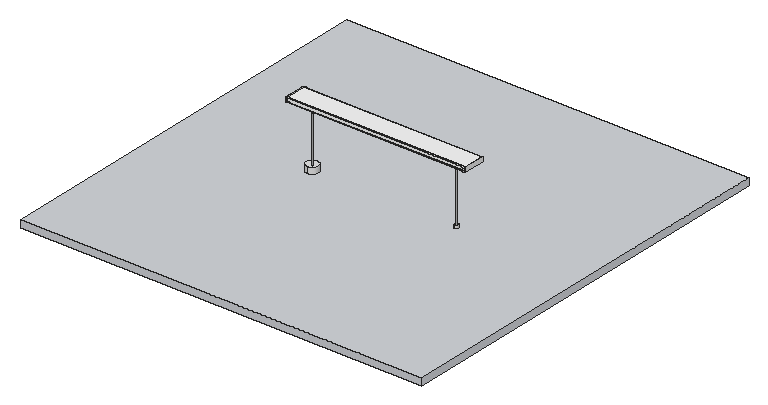
Revit family "Zumtobel ECOOS2 SLIM", category Lighting Fixtures, host Face, Revit 2016
Family settings
  Host = Face
  Part Type = Normal
  Round Connector Dimension = Use Diameter
  OmniClass Number = 23.80.70.11
  OmniClass Title = Luminaries for Internal Lighting
  Cut with Voids When Loaded = No
  Light Source = Yes
  Shared = No
  Room Calculation Point = No
Parameters (values of type "ECOOS2 SLIM 4400 L12")
  Width = 152 mm  # constant formula
  Wattage Comments = ""
  Wattage = 29.6213 W
  built-in parameter 1150110 = 1 (stored number, unit not read)
  Voltage = 230 V
  URL = "www.zumtobel.de/42186826"
  Type Comments = "© Zumtobel. We reserve the right to make technical changes without prior notice."  # constant formula
  built-in parameter 1114217 = 1 (stored number, unit not read)
  Tilt Angle = -90.00°
  built-in parameter 1150109 = 1 (stored number, unit not read)
  built-in parameter 1150134 = 12
  TEC Track Mount = no
  Suspension Value [instance] = if(Surface Mount Viz, 48 mm, if(TEC Track Mount, 57.5 mm, if(Recessed Viz, 32 mm, if(Suspension Height = 200 mm, 200 mm, if(Suspension Height < 200 mm, 200 mm, Suspension Height - 48 mm)))))  # 452 mm
  Suspension Height [instance] = 500 mm
  Suspension [instance] = ZG_Metal_Light_Grey
  Surface Mount Viz [instance] = and(No TEC Track Mount, Surface Mount)  # no
  Surface Mount [instance] = no
  built-in parameter 1150113 = 1 (stored number, unit not read)
  Show Suspension [instance] = not(or(Surface Mount, Recessed, TEC Track Mount))  # yes
  Recessed Viz [instance] = and(No TEC Track Mount, Recessed)  # no
  Recessed [instance] = no
  Photometric Web File = "42186826_(STD_LEO).IES"
  No TEC Track Mount = not(TEC Track Mount)  # yes
  No Recessed [instance] = not(Recessed Viz)  # yes
  Model = "42186826"
  Manufacturer = "Zumtobel Lighting"  # constant formula
  built-in parameter 1150105 = 350.14 (stored number, unit not read)
  Lumens = 4400 lm
  built-in parameter 1150115 = 1 (stored number, unit not read)
  built-in parameter 1150137 = (empty or 0)
  built-in parameter 1150139 = (empty or 0)
  Length = 1264 mm
  built-in parameter 1150112 = 1 (stored number, unit not read)
  built-in parameter 1150114 = 1 (stored number, unit not read)
  Lamp = "LED"  # constant formula
  built-in parameter 1150132 = 2
  built-in parameter 1150102 = (empty or 0)
  built-in parameter 1150107 = 4000 (stored number, unit not read)
  built-in parameter 1150138 = (empty or 0)
  built-in parameter 1150106 = 3.5014 (stored number, unit not read)
  Height = 48 mm  # constant formula
  Emit from Rectangle Width = Length - 13 mm  # 1251 mm
  Emit from Rectangle Length = Width  # 152 mm
  Emit Shape Visible in Rendering = no
  built-in parameter 1150104 = 13.8 (stored number, unit not read)
  Dimming Lamp Color Temperature Shift = <None>
  Description = "Surface mount or pendant LED luminaire"
  Default Elevation = 0 mm
  Cover = ZG_PMMA_Opaque
  Color Filter = 16777215
  Body = ZG_Metal_Light_Grey
  built-in parameter 1114218 = 1 (stored number, unit not read)
  built-in parameter 1150133 = 10 (stored number, unit not read)
  Assembly Code = "D5020200"
  Apparent Load = 40.1 VA
Types (4, lengths in mm): name | Wattage | URL | TEC Track Mount | Suspension Value | Show Suspension | Photometric Web File | No TEC Track Mount | Model | built-in parameter 1150105 | Lumens | Length | built-in parameter 1150106 | Emit from Rectangle Width | Description | Apparent Load
  ECOOS2 SLIM 5500 L15 | 36.5217 W | "www.zumtobel.de/42932550" | no | 452 | yes | "42932550_(STD_LEO).IES" | yes | "42932550" | 431.71 (stored number, unit not read) | 5425 lm | 1512 | 4.3171 (stored number, unit not read) | 1499 | "Surface mount or pendant LED luminaire" | 60.1 VA
  ECOOS2 SLIM 4400 L12 | 29.6213 W | "www.zumtobel.de/42186826" | no | 452 | yes | "42186826_(STD_LEO).IES" | yes | "42186826" | 350.14 (stored number, unit not read) | 4400 lm | 1264 | 3.5014 (stored number, unit not read) | 1251 | "Surface mount or pendant LED luminaire" | 40.1 VA
  ECOOS2 SLIM 5500 TEC L15 | 36.5217 W | "www.zumtobel.de/42932553" | yes | 57.5 | no | "42932553_(STD_LEO).IES" | no | "42932553" | 431.71 (stored number, unit not read) | 5425 lm | 1512 | 4.3171 (stored number, unit not read) | 1499 | "TECTON track mount LED luminaire" | 60.1 VA
  ECOOS2 SLIM 4400 TEC L12 | 29.6213 W | "www.zumtobel.de/42933406" | yes | 57.5 | no | "42933406_(STD_LEO).IES" | no | "42933406" | 350.14 (stored number, unit not read) | 4400 lm | 1264 | 3.5014 (stored number, unit not read) | 1251 | "TECTON track mount LED luminaire" | 40.1 VA
Reference planes
  plane 1 "Center (Front/Back)": y = 0
  plane 2 "Top": z = 0
  plane 3 "Center (Left/Right)": x = 399.5
  plane 4 "Left": x = -232.5
  plane 5 "Right": x = 1031.5
  plane 6: z = 452
  plane 7: x = 1025
  plane 8: x = 1025
  plane 9: x = -226
  plane 10 "Axis Power": z = 420
  plane 11 "Suspension Left": x = -106.5
  plane 12 "Suspension Right": x = 905.5
  plane 13: x = -186.5
  plane 14: x = 985.5
  plane 15: y = 76
  plane 16: y = -76
  plane 17: z = 404
  plane 18: x = -186.5
  plane 19: x = 985.5
Forms (mm)
  Extrusion 1, solid
    sketch origin (0, 0, 0) x (1, 0, 0) y (0, 1, 0)
      loop
        line (-1010.5, 1431.145) -> (-1010.5, -1431.145) -> (1809.5, -1431.145) -> (1809.5, 1431.145) -> (-1010.5, 1431.145)
    from 0 to -52.502
  Extrusion 2, solid, material "ZG_Metal_Light_Grey" <- "Body"
    sketch origin (1031.5, 0, 0) x (0, 1, 0) y (0, 0, -1)
      loop
        line (76, -447) -> (76, -425)
        arc (76, -425) -> (74.536, -421.464) -> (71, -420) r 5
        line (71, -420) -> (-71, -420)
        arc (-71, -420) -> (-74.536, -421.464) -> (-76, -425) r 5
        line (-76, -425) -> (-76, -447)
        arc (-76, -447) -> (-74.536, -450.536) -> (-71, -452) r 5
        line (-71, -452) -> (71, -452)
        arc (71, -452) -> (74.536, -450.536) -> (76, -447) r 5
    from 0 to 6.5
  Extrusion 3, solid, material "ZG_Metal_Light_Grey" <- "Suspension", visible <- "Show Suspension", detail levels medium+fine
    sketch origin (1409.34, -475.958, 0) x (0, -1, 0) y (1, 0, 0)
      loop
        circle (-475.958, -1515.84) r 41
      loop
        circle (-475.958, -1515.84) r 1.5
    from 0 to 39
  Extrusion 4, solid, material "ZG_Metal_Light_Grey" <- "Body"
    sketch origin (-372.5, 0, 0) x (0, 1, 0) y (0, 0, 1)
      loop
        arc (76, 447) -> (74.536, 450.536) -> (71, 452) r 5
        line (71, 452) -> (-71, 452)
        arc (-71, 452) -> (-74.536, 450.536) -> (-76, 447) r 5
        line (-76, 447) -> (-76, 425)
        arc (-76, 425) -> (-74.536, 421.464) -> (-71, 420) r 5
        line (-71, 420) -> (71, 420)
        arc (71, 420) -> (74.536, 421.464) -> (76, 425) r 5
        line (76, 425) -> (76, 447)
    from 140 to 146.5
  Extrusion 5, solid, material "ZG_Metal_Light_Grey" <- "Body"
    sketch origin (-352.5, 0, 0) x (0, 1, 0) y (0, 0, 1)
      loop
        arc (76, 447) -> (74.536, 450.536) -> (71, 452) r 5
        line (71, 452) -> (-71, 452)
        arc (-71, 452) -> (-74.536, 450.536) -> (-76, 447) r 5
        line (-76, 447) -> (-76, 425)
        arc (-76, 425) -> (-74.536, 421.464) -> (-71, 420) r 5
        line (-71, 420) -> (71, 420)
        arc (71, 420) -> (74.536, 421.464) -> (76, 425) r 5
        line (76, 425) -> (76, 447)
    from 126.5 to 1377.5
  Extrusion 6, solid, material "ZG_Metal_Light_Grey" <- "Body", visible <- "No Recessed"
    sketch origin (399.5, 0, 0) x (0, 0, -1) y (0, -1, 0)
      loop
        line (-420, -32) -> (-404, -32) -> (-404, 32) -> (-420, 32) -> (-420, -32)
    from -586 to 586
  Extrusion 7, solid, material "ZG_Metal_Light_Grey" <- "Suspension", visible <- "Show Suspension", detail levels medium+fine
    sketch origin (1409.34, -415.958, 0) x (0, -1, 0) y (1, 0, 0)
      loop
        circle (-415.958, -503.84) r 13
      loop
        circle (-415.958, -503.84) r 1.5
    from 0 to 13
  Sweep 8, solid, material "ZG_Metal_Light_Grey" <- "Body", visible <- "TEC Track Mount"
    path origin (0, 0, 0) x (1, 0, 0) y (0, 1, 0)
      loop
        line (-186.5, 0) -> (985.5, 0)
    profile "TEC Adapter : TEC Adapter" origin (399.5, 0, 0) x (0, 1, 0) y (0, 0, 1)
      loop
        line (-24.5, 9.5) -> (-24.5, -1.506) -> (-21.81, -1.506) -> (-21.81, 0) -> (21.81, 0) -> (21.81, -1.5) -> (24.5, -1.5) -> (24.5, 9.5) -> (-24.5, 9.5)
Dimensions and locks
  "Length": plane 4 "Left" to plane 5 "Right"
  equal spacing: plane 4 "Left", plane 3 "Center (Left/Right)", plane 5 "Right"
  locked: plane 4 "Left" to plane 9 at 6.5
  locked: plane 7 to plane 5 "Right" at 6.5
  "Suspension Value": plane 6 to plane 2 "Top"
  locked: plane 13 to plane 4 "Left" at 46
  locked: plane 14 to plane 5 "Right" at 46
  locked: plane 11 "Suspension Left" to plane 13 at 80
  locked: plane 12 "Suspension Right" to plane 14 at 80
  equal spacing: plane 16, plane 1 "Center (Front/Back)", plane 15
  "Width": plane 16 to plane 15
  locked: plane 6 to plane 10 "Axis Power" at 32
  locked: plane 10 "Axis Power" to plane 17 at 16
  locked: plane 18 to plane 4 "Left" at 46
  locked: plane 19 to plane 5 "Right" at 46
  aligned and locked: Extrusion 1 to plane 2 "Top"
  aligned and locked: plane 6 to imposter light
  aligned and locked: Extrusion 2 to plane 8
  aligned and locked: plane 1 "Center (Front/Back)" to nested 1
  aligned and locked: nested 1 to plane 11 "Suspension Left"
  aligned and locked: nested 2 to plane 12 "Suspension Right"
  aligned and locked: imposter light to plane 1 "Center (Front/Back)"
  aligned and locked: Extrusion 2 to plane 5 "Right"
  aligned and locked: plane 8 to plane 7
  aligned and locked: Extrusion 4 to plane 4 "Left"
  aligned and locked: Extrusion 4 to plane 9
  aligned and locked: plane 9 to Extrusion 5
  aligned and locked: plane 8 to Extrusion 5
  aligned and locked: Extrusion 6 to plane 13
  aligned and locked: imposter light to plane 3 "Center (Left/Right)"
  aligned and locked: Extrusion 6 to plane 14
  aligned and locked: Extrusion 6 sketch curve to plane 10 "Axis Power"
  aligned and locked: plane 18 to Sweep 8 sketch curve
  aligned and locked: plane 19 to Sweep 8 sketch curve
  aligned and locked: plane 1 "Center (Front/Back)" to Sweep 8 sketch curve
Automatic sketch dimensions
  Extrusion 1 sketch curve to Extrusion 1 sketch curve = 2820 mm
  Extrusion 1 sketch curve to Extrusion 1 sketch curve = 2862.29 mm
  Extrusion 2 sketch curve to plane 16 = 0 mm
  Extrusion 2 sketch curve to plane 6 = 0 mm
  Extrusion 2 sketch curve to plane 10 "Axis Power" = 0 mm
  Extrusion 2 sketch curve to plane 15 = 0 mm
  plane 16 to Extrusion 2 sketch curve = 5 mm
  Extrusion 2 sketch curve to Extrusion 2 sketch curve = 5 mm
  plane 6 to Extrusion 2 sketch curve = 5 mm
  plane 15 to Extrusion 2 sketch curve = 5 mm
  Extrusion 3 sketch curve to Extrusion 3 sketch curve = 0 mm  (x2)
  plane 1 "Center (Front/Back)" to Extrusion 3 sketch curve = 0 mm
  Extrusion 3 sketch curve to plane 11 "Suspension Left" = 0 mm
  Extrusion 4 sketch curve to plane 16 = 0 mm
  Extrusion 4 sketch curve to plane 6 = 0 mm
  Extrusion 4 sketch curve to plane 10 "Axis Power" = 0 mm
  Extrusion 4 sketch curve to plane 15 = 0 mm
  Extrusion 4 sketch curve to plane 16 = 5 mm
  plane 10 "Axis Power" to Extrusion 4 sketch curve = 5 mm
  Extrusion 4 sketch curve to plane 6 = 5 mm
  Extrusion 4 sketch curve to plane 15 = 5 mm
  Extrusion 5 sketch curve to plane 16 = 0 mm
  Extrusion 5 sketch curve to plane 6 = 0 mm
  Extrusion 5 sketch curve to plane 10 "Axis Power" = 0 mm
  Extrusion 5 sketch curve to plane 15 = 0 mm
  Extrusion 5 sketch curve to plane 16 = 5 mm
  plane 10 "Axis Power" to Extrusion 5 sketch curve = 5 mm
  Extrusion 5 sketch curve to plane 6 = 5 mm
  Extrusion 5 sketch curve to plane 15 = 5 mm
  plane 17 to Extrusion 6 sketch curve = 0 mm
  Extrusion 6 sketch curve to plane 1 "Center (Front/Back)" = 32 mm
  plane 1 "Center (Front/Back)" to Extrusion 6 sketch curve = 32 mm
  Extrusion 7 sketch curve to Extrusion 7 sketch curve = 0 mm  (x2)
  plane 1 "Center (Front/Back)" to Extrusion 7 sketch curve = 0 mm
  Extrusion 7 sketch curve to plane 12 "Suspension Right" = 0 mm
  radius of Extrusion 3 sketch curve = 41 mm
  radius of Extrusion 3 sketch curve = 1.5 mm
  radius of Extrusion 7 sketch curve = 13 mm
  radius of Extrusion 7 sketch curve = 1.5 mm
Nested families
  nested 1: "Suspension" at (-106.5, 0, 0), Suspension <- "Suspension", type "Suspension"
    with Suspension ZG_Metal_Light_Grey, Suspension Value 404 mm, Suspension Height 452 mm
  nested 2: "Suspension" at (905.5, 0, 0) x (-1, 0, 0) z (0, 0, 1), Suspension <- "Suspension", type "Suspension"
    with Suspension ZG_Metal_Light_Grey, Suspension Value 404 mm, Suspension Height 452 mm
Connectors
  electrical at (-106.5, 0, 0), driven by "Voltage", driven by "Apparent Load"
    settings: on Extrusion 3, index 1, voltage 230 V, apparent load 40.1 VA, apparent load phase1 0 VA, apparent load phase2 0 VA, apparent load phase3 0 VA, power factor 1, load classification "Lighting", number of poles 1, system type 30, power factor state 1, is connector primary yes, connector utility no, sub classification motor no, connector description "Power"
Definition of nested family "Suspension"
  Parameters (values of type "Suspension")
    Suspension Value = if(Suspension Height = 0 mm, 300 mm, if(Suspension Height < 200 mm, Suspension Height - 90 mm, Suspension Height - 48 mm))  # 524 mm
    Suspension Height = 572 mm
    Suspension [instance] = none
    Show Suspension = yes
  Reference planes
    plane 1 "Light Source Axis (F/B)": y = 0
    plane 2: z = 0
    plane 3 "Light Source Axis (L/R)": x = 0
    plane 4 "Light Source Elevation": z = 0
    plane 5: z = 524
    plane 6: z = 510.792
    plane 7: z = 485.792
    plane 8: z = 572
  Forms (mm)
    Extrusion 1, solid, material <- "Suspension", visible <- "Show Suspension"
      sketch origin (661.466, 0, 85) x (0, -1, 0) y (1, 0, 0)
        loop
          circle (0, -661.466) r 4
      from 400.792 to 425.792
    Extrusion 2, solid, material <- "Suspension", visible <- "Show Suspension"
      sketch origin (639.464, 0, 65) x (0, -1, 0) y (1, 0, 0)
        loop
          circle (0, -639.464) r 1.5
      from -65 to 420.792
    Sweep 3, solid, material <- "Suspension", visible <- "Show Suspension"
      path origin (0, 0, 0) x (0, 0, 1) y (0, -1, 0)
        loop
          line (526.337, -23.764) -> (506.472, -7.095)
          arc (506.472, -7.095) -> (505.681, -6.065) -> (505.4, -4.797) r 3
          line (505.4, -4.797) -> (505.4, 4.797)
          arc (505.4, 4.797) -> (505.681, 6.065) -> (506.472, 7.095) r 3
          line (506.472, 7.095) -> (526.337, 23.764)
      profile origin (0, 0, 505.4) x (0, 0, 1) y (-1, 0, 0)
        loop
          circle (0, 0) r 1.498
    Extrusion 4, void
      sketch origin (0, 0, 0) x (0, 1, 0) y (0, 0, 1)
        loop
          line (32, 524) -> (32, 539) -> (-32, 539) -> (-32, 524) -> (32, 524)
      from -25 to 25
  Cuts and joins
    Extrusion 4 cuts Sweep 3
    joined: Extrusion 1, Sweep 3
  Dimensions and locks
    plane 5 to plane 6 to plane 7 = 13.208 mm locked, 25 mm locked
    "Suspension Height": plane 4 "Light Source Elevation" to plane 8
    locked: plane 8 to plane 5 at 48
    aligned and locked: level to plane 2
    aligned and locked: plane 6 to Extrusion 1
    aligned and locked: Extrusion 1 to plane 7
    aligned and locked: plane 7 to Extrusion 2
    aligned and locked: plane 4 "Light Source Elevation" to Extrusion 2
  Automatic sketch dimensions
    plane 1 "Light Source Axis (F/B)" to Extrusion 1 sketch curve = 0 mm
    Extrusion 1 sketch curve to plane 3 "Light Source Axis (L/R)" = 0 mm
    plane 1 "Light Source Axis (F/B)" to Extrusion 2 sketch curve = 0 mm
    Extrusion 2 sketch curve to plane 3 "Light Source Axis (L/R)" = 0 mm
    Sweep 3 sketch curve to profile plane = 0 mm
    profile plane to Sweep 3 sketch curve = 0 mm
    plane 6 to Sweep 3 sketch curve = 5.392 mm
    plane 6 to Sweep 3 sketch curve = 4.32 mm  (x2)
    plane 6 to Sweep 3 sketch curve = 2.392 mm  (x2)
    plane 1 "Light Source Axis (F/B)" to Sweep 3 sketch curve = 7.095 mm
    Sweep 3 sketch curve to plane 1 "Light Source Axis (F/B)" = 4.797 mm
    Sweep 3 sketch curve to plane 5 = 2.337 mm  (x2)
    plane 1 "Light Source Axis (F/B)" to Sweep 3 sketch curve = 23.764 mm
    Sweep 3 sketch curve to plane 1 "Light Source Axis (F/B)" = 23.764 mm
    Extrusion 4 sketch curve to plane 5 = 0 mm
    plane 1 "Light Source Axis (F/B)" to Extrusion 4 sketch curve = 32 mm
    plane 5 to Extrusion 4 sketch curve = 15 mm
    Extrusion 4 sketch curve to plane 1 "Light Source Axis (F/B)" = 32 mm
    radius of Extrusion 1 sketch curve = 4 mm
    radius of Extrusion 2 sketch curve = 1.5 mm
    radius of Sweep 3 sketch curve = 1.498 mm
